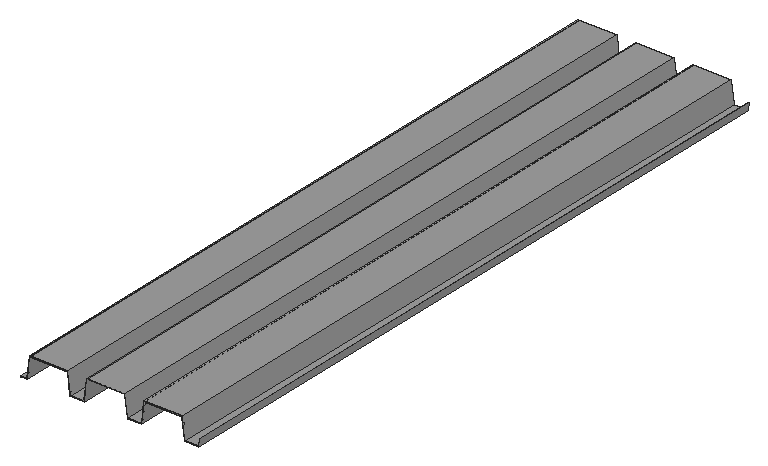
Revit family "StructuralRoofDeck_NewMillennium_N-Dek", category Generic Models, Revit 2026
Family settings
  Can host rebar = No
  Round Connector Dimension = Use Diameter
  Part Type = Normal
  Classification Number = 23.25.30.27.14.14
  Work Plane-Based = No
  Always vertical = Yes
  Cut with Voids When Loaded = No
  Maintain Annotation Orientation = No
  Shared = No
  Room Calculation Point = No
Parameters
  URL = "https://www.newmill.com/"
  Test Data = "https://www.newmill.com/tables/load-tables.html"
  Specification = "http://www.arcat.com/sdspecs/htm/05312mil.htm"
  Show Detail [instance] = not(Cut Width < Cover Width)  # yes
  Sales Information = "https://www.newmill.com/contact/request-quote.html"
  Revision = "R0_10-2017"
  Product Data = "http://www.arcat.com/arcatcos/cos9535/arc35565.html"
  Panel Material = Steel as Specified
  Overall Length = 8' - 0"
  Overall Depth = 0' - 3 1/16"
  Model = "Roof Deck - N Dek"
  Manufacturer Website = "https://www.newmill.com/"
  Manufacturer Phone - Toll Free = ""
  Manufacturer Phone = "260-969-3500"
  Manufacturer Fax = "260-868-6002"
  Manufacturer Address = "7575 W. Jefferson Ave., Fort Wayne, IN 46804"
  Manufacturer = "New Millennium Building Systems"
  Keynote = "05 31 00"
  Installation-Fabrication = "https://www.newmill.com/bim-design-tools/tools/tools-terms.html?tool=https://www.newmill.com/bim-design-tools/tools/steel-decking-tools.html"
  Green Building-LEED = "http://www.arcat.com/green/clients95/leed_data_35565.html"
  Drawn By = "Sumex Design / Robert S. Weygant"
  Description = "New Millennium Building Systems Roof Deck - N Dek"
  Default Elevation = 0' - 0"
  Cut Width [instance] = 2' - 1 1/8"
  Cut Length [instance] = 8' - 0"
  Cover Width = 2' - 0 1/2"
  Copyright = "2017, ARCAT, Inc."
  Construction Details = "https://www.newmill.com/bim-design-tools/tools/tools-terms.html?tool=https://www.newmill.com/bim-design-tools/bim-design-overview.html"
  Category = ""
  Building Codes = "https://www.newmill.com/certifications/certifications.html"
  Assembly Code = "B1020260"
Reference planes (in)
  plane 1 "Center (Front/Back)": y = 0
  plane 2: z = 0
  plane 3 "Center (Left/Right)": x = 0
  plane 4: y = 96
  plane 5: y = 96
  plane 6: x = 24.5
  plane 7: x = 25.125
  plane 8: x = 25.12549
  plane 9: x = 25.87549
  plane 10: z = 3.0625
Forms (in)
  Sweep 1, solid, material "Steel as Specified" <- "Panel Material"
    path in 3D
      loop
        line (0, 0, 0) -> (0, 96, 0)
    profile "RoofDeck_N : RoofDeck_N" origin (0, 48, 0) x (-1, 0, 0) y (0, 0, 1)
      loop
        line (-7.05469, 0.0625) -> (-8.94531, 0.0625) -> (-9.3125, 3) -> (-14.6875, 3) -> (-15.05469, 0.0625) -> (-16.94531, 0.0625) -> (-17.3125, 3) -> (-22.6875, 3) -> (-23.05469, 0.0625) -> (-24.94531, 0.0625) -> (-25.0625, 1) -> (-25.12549, 1) -> (-25.00049, 0) -> (-22.99951, 0) -> (-22.63233, 2.9375) -> (-17.36767, 2.9375) -> (-17.00049, 0) -> (-14.99951, 0) -> (-14.63233, 2.9375) -> (-9.36767, 2.9375) -> (-9.00049, 0) -> (-6.99951, 0) -> (-6.63233, 2.9375) -> (-1.36767, 2.9375) -> (-1.00049, 0) -> (0, 0) -> (0, 0.0625) -> (-0.94531, 0.0625) -> (-1.3125, 3) -> (-6.6875, 3) -> (-7.05469, 0.0625)
  Extrusion 2, void
    sketch origin (0, 0, 0) x (1, 0, 0) y (0, 0, 1)
      loop
        line (25.125, 3.0625) -> (25.125, 0) -> (25.87549, 0) -> (25.87549, 3.0625) -> (25.125, 3.0625)
    from 0 to -96
Cuts and joins
  Extrusion 2 cuts Sweep 1
Lines and regions (in)
  reference lines
    curve 1: line (0, 0, 0) -> (0, 96, 0)
  sketch lines
    curve 2: line (0, 0, 0) -> (0, 96, 0)
Dimensions and locks (in)
  "Overall Length": plane 1 "Center (Front/Back)" to plane 4
  "Cut Length": plane 5 to plane 1 "Center (Front/Back)"
  "Cover Width": plane 3 "Center (Left/Right)" to plane 6
  "Cut Width": plane 3 "Center (Left/Right)" to plane 7
  locked: plane 6 to plane 8 at 0.62549
  locked: plane 8 to plane 9 at 0.75
  "Overall Depth": plane 10 to level
  aligned and locked: plane 2 to level
  aligned and locked: Extrusion 2 sketch curve to plane 10
  aligned and locked: level to Extrusion 2 sketch curve
  aligned and locked: Extrusion 2 sketch curve to plane 9
  aligned and locked: plane 7 to Extrusion 2 sketch curve
  aligned and locked: plane 4 to Extrusion 2
  aligned and locked: plane 1 "Center (Front/Back)" to Extrusion 2
Automatic sketch dimensions
  curve 1 to plane 3 "Center (Left/Right)" = 0' - 0"
  plane 1 "Center (Front/Back)" to curve 1 = 0' - 0"
  curve 1 to plane 5 = 0' - 0"
